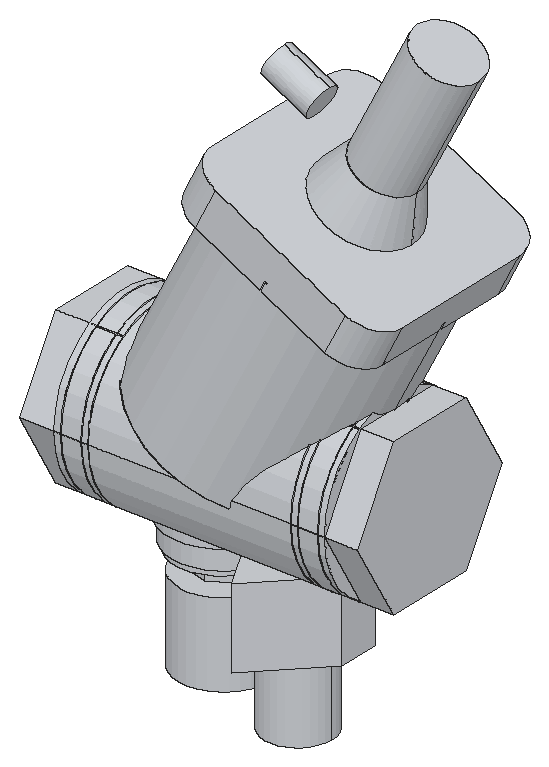
Revit family "PV_Compact_DN025L_ 20-80_FF_měř-vyp_RFA_2019", category Pipe Accessories, Revit 2019
Family settings
  Round Connector Dimension = Use Diameter
  Part Type = Valve - Breaks Into
  Work Plane-Based = No
  Always vertical = Yes
  Cut with Voids When Loaded = No
  Shared = No
Parameters (values of type "PV Compact DN25L FF s měřením a vypouštěním (20-80kPa)")
  magiProductId = "7052257d0cc94620b8f60c4ac85ccd"
  magiProductFamilyId = "88c57951ecb64b5d83dd1d4eb8fc72"
  magiPartTypeId = 304
  isMeasuringValve [instance] = no
  ang2D [instance] = 0.00°
  Z7 = 15 mm
  Z6 = 40.2 mm
  Z5 = 93.8 mm
  Z4 = 80.4 mm
  Z3 = 13.4 mm
  Z2 = 67 mm
  XR3 = 42.5 mm
  XR2 = 37.5 mm
  XR1 = 25.5 mm
  W2D = 15 mm
  VersionID = "2.0/2018.12.13.2/FRESE_PV_COMPACT_PLUG_Q13_001"
  Use Minimum Symbol Size [instance] = no
  URL = "www.hydronic.cz"
  Type Comments = "závitový s vnitřním závitem; s měřicí vsuvkou a vypouštěním; PN25; dpmax=450kPa; -10~+120°C"
  R5 = 5 mm
  R4 = 15 mm
  R3 = 10 mm
  R2 = 26.5 mm
  R1 = 31.5 mm
  QmdConnectorList = "301;D;302;D"
  Productdata [instance] = ""
  PH__ve = -PH  # -23.6 mm
  PH = 23.6 mm
  NL__ve = -NL  # -20 mm
  NL = 20 mm
  Manufacturer = "Hydronic Systems Prague s.r.o."
  MC Use Limits From Balancing Method = no
  MC Throttling Minimum Value = 0
  MC Throttling Maximum Value = 0
  MC Product Code = "53-3247 DN25; FF; nastavitelný rozsah dp=20~80kPa; Q=750~4200l/h;  kvs=8,7"
  MC Pressure Drop Minimum Value = 0.0 Pa
  MC Pressure Drop Maximum Value = 0.0 Pa
  MC Piping Given Pressure Drop [instance] = 0.0 Pa
  M5 = 40 mm
  M4 = 38 mm
  M3 = 32 mm
  M2 = 30 mm
  LP = 50 mm
  LM = 60 mm
  LL__ve = -LL  # -6.3 mm
  LLT__ve = -LLT  # -19.1 mm
  LLT = 19.1 mm
  LL2 = 38 mm
  LL = 6.3 mm
  L3 = 11 mm
  L2D_Min = 30.48 mm
  L2D = 65 mm
  Description = "Nastavitelný regulátor tlakové diference"
  DR1 = yes
  DR0 = no
  DL2 = 72 mm
  D = 25 mm
  CenSd_R2_6 = R2 * cos(30.00°)  # 22.95 mm
  CAT0 = yes
  C0D1 = yes
  C0D0 = no
Types (10, lengths in mm): name | magiProductId | Z6 | Z5 | Z4 | Z3 | Z2 | XR3 | XR2 | XR1 | R2 | R1 | PH__ve | PH | NL__ve | NL | MC Product Code | M5 | M4 | M3 | M2 | LP | LM | LL__ve | LLT__ve | LLT | LL2 | LL | L3 | DL2 | D | CenSd_R2_6
  PV Compact DN15 FF s měřením a vypouštěním (20-60kPa) | "ebd4dd38c61a47e78db1b31e427098" | 24.6 | 57.4 | 49.2 | 8.2 | 41 | 30 | 25 | 13 | 14 | 19 | -22.4 | 22.4 | -15 | 15 | "53-3243 DN15; FF; nastavitelný rozsah dp=20~60kPa; Q=100~1000l/h;  kvs=2,9" | 32.5 | 30.5 | 24.5 | 22.5 | 37.5 | 45 | -5.7 | -14.9 | 14.9 | 32 | 5.7 | 11 | 66 | 15 | 12.124
  PV Compact DN15 FF s měřením a vypouštěním ( 5-30kPa) | "1e13aaf8f1b54965adca1ab26bd771" | 24.6 | 57.4 | 49.2 | 8.2 | 41 | 30 | 25 | 13 | 14 | 19 | -22.4 | 22.4 | -15 | 15 | "53-3242 DN15; FF; nastavitelný rozsah dp=5~30kPa; Q=50~600l/h;  kvs=2,9" | 32.5 | 30.5 | 24.5 | 22.5 | 37.5 | 45 | -5.7 | -14.9 | 14.9 | 32 | 5.7 | 11 | 66 | 15 | 12.124
  PV Compact DN20 FF s měřením a vypouštěním (20-60kPa) | "6d4e29c475624129ae1d8630218e83" | 24.6 | 57.4 | 49.2 | 8.2 | 41 | 30 | 25 | 13 | 14 | 19 | -22.4 | 22.4 | -15.8 | 15.8 | "53-3245 DN20; FF; nastavitelný rozsah dp=20~60kPa; Q=150~2000l/h;  kvs=3,5" | 33.7 | 31.7 | 25.7 | 23.7 | 39.5 | 47.4 | -5.7 | -14.9 | 14.9 | 32 | 5.7 | 11 | 66 | 20 | 12.124
  PV Compact DN20 FF s měřením a vypouštěním ( 5-30kPa) | "3c7d936801344d2a9486b3d5f20c15" | 24.6 | 57.4 | 49.2 | 8.2 | 41 | 30 | 25 | 13 | 14 | 19 | -22.4 | 22.4 | -15.8 | 15.8 | "53-3244 DN20; FF; nastavitelný rozsah dp=5~30kPa; Q=100~1000l/h;  kvs=3,5" | 33.7 | 31.7 | 25.7 | 23.7 | 39.5 | 47.4 | -5.7 | -14.9 | 14.9 | 32 | 5.7 | 11 | 66 | 20 | 12.124
  PV Compact DN25 FF s měřením a vypouštěním ( 5-30kPa) | "40b783a088714ff8af367f7ba18a04" | 25.5 | 59.5 | 51 | 8.5 | 42.5 | 30 | 25 | 13 | 14 | 19 | -22.8 | 22.8 | -16.6 | 16.6 | "53-3251 DN25; FF; nastavitelný rozsah dp=5~30kPa; Q=600~2100l/h;  kvs=4,0" | 34.9 | 32.9 | 26.9 | 24.9 | 41.5 | 49.8 | -5.9 | -16.3 | 16.3 | 34 | 5.9 | 11 | 68 | 25 | 12.124
  PV Compact DN25L FF s měřením a vypouštěním (20-80kPa) | "7052257d0cc94620b8f60c4ac85ccd" | 40.2 | 93.8 | 80.4 | 13.4 | 67 | 42.5 | 37.5 | 25.5 | 26.5 | 31.5 | -23.6 | 23.6 | -20 | 20 | "53-3247 DN25; FF; nastavitelný rozsah dp=20~80kPa; Q=750~4200l/h;  kvs=8,7" | 40 | 38 | 32 | 30 | 50 | 60 | -6.3 | -19.1 | 19.1 | 38 | 6.3 | 11 | 72 | 25 | 22.95
  PV Compact DN25L FF s měřením a vypouštěním ( 5-30kPa) | "006ff7ff77e34fd39e52f3f4c37192" | 40.2 | 93.8 | 80.4 | 13.4 | 67 | 42.5 | 37.5 | 25.5 | 26.5 | 31.5 | -23.6 | 23.6 | -20 | 20 | "53-3246 DN25L; FF; nastavitelný rozsah dp=5~30kPa; Q=600~2500l/h;  kvs=8,7" | 40 | 38 | 32 | 30 | 50 | 60 | -6.3 | -19.1 | 19.1 | 38 | 6.3 | 11 | 72 | 25 | 22.95
  PV Compact DN32 FF s měřením a vypouštěním (20-80kPa) | "e53839f5e58040c69ad69dcf8b7122" | 40.2 | 93.8 | 80.4 | 13.4 | 67 | 42.5 | 37.5 | 25.5 | 26.5 | 31.5 | -24.6 | 24.6 | -20.8 | 20.8 | "53-3248 DN32; FF; nastavitelný rozsah dp=20~80kPa; Q=1000~5000l/h;  kvs=10,1" | 41.2 | 39.2 | 33.2 | 31.2 | 52 | 62.4 | -6.8 | -22.6 | 22.6 | 43 | 6.8 | 25 | 77 | 32 | 22.95
  PV Compact DN40 FF s měřením a vypouštěním (20-80kPa) | "edae53f0ee9843aa9c005a0dbc2db4" | 46.8 | 109.2 | 93.6 | 15.6 | 78 | 42.5 | 37.5 | 25.5 | 26.5 | 31.5 | -25.2 | 25.2 | -27.6 | 27.6 | "53-3249 DN40; FF; nastavitelný rozsah dp=20~80kPa; Q=3000~8000l/h;  kvs=15,8" | 51.4 | 49.4 | 43.4 | 41.4 | 69 | 82.8 | -7.1 | -24.7 | 24.7 | 46 | 7.1 | 25 | 80 | 40 | 22.95
  PV Compact DN50 FF s měřením a vypouštěním (20-80kPa) | "7572286e99104aaeaae4a504f9a6dd" | 46.8 | 109.2 | 93.6 | 15.6 | 78 | 42.5 | 37.5 | 25.5 | 35.25 | 31.5 | -26.4 | 26.4 | -27.6 | 27.6 | "53-3250 DN50; FF; nastavitelný rozsah dp=20~80kPa; Q=5000~11500l/h;  kvs=16,2" | 51.4 | 49.4 | 43.4 | 41.4 | 69 | 82.8 | -7.7 | -28.9 | 28.9 | 52 | 7.7 | 25 | 86 | 50 | 30.527
Reference planes
  plane 1 "Center (Front/Back)": y = 0
  plane 2 "XYPLANE": z = 0
  plane 3 "Center (Left/Right)": x = 0
  plane 4 "408": x = 50
  plane 5 "407": x = -50
  plane 6 "402": z = -72
  plane 7 "213": x = 11
  plane 8 "168": z = -15.1
  plane 9 "167": z = -17.1
  plane 10 "166": z = -23.4
  plane 11 "165": z = -29.7
  plane 12 "164": z = -31.7
  plane 13 "154": z = 0
  plane 14 "152": y = 0
  plane 15 "151": z = -38
  plane 16 "150": x = -11
  plane 17 "75": through (307.08, 0, 685.28) normal (0.891, 0, -0.454)
  plane 18 "74": x = 40
  plane 19 "73": x = 38
  plane 20 "72": x = 32
  plane 21 "71": x = 30
  plane 22 "70": x = -40
  plane 23 "69": x = -38
  plane 24 "68": x = -32
  plane 25 "67": y = 0
  plane 26 "66": through (-666.893, 0, 343.166) normal (0.454, 0, 0.891)
  plane 27 "65": x = -30
  plane 28 "64": through (335.147, 0, 670.979) normal (0.891, 0, -0.454)
  plane 29 "63": through (-637.838, 0, 400.19) normal (0.454, 0, 0.891)
  plane 30 "62": through (363.214, 0, 656.678) normal (0.891, 0, -0.454)
  plane 31 "61": y = 31.5
  plane 32 "60": y = -31.5
  plane 33 "59": through (-631.754, 0, 412.13) normal (0.454, 0, 0.891)
  plane 34 "58": through (-625.671, 0, 424.069) normal (0.454, 0, 0.891)
  plane 35 "57": through (302.625, 0, 687.549) normal (0.891, 0, -0.454)
  plane 36 "56": x = 0
  plane 37 "55": through (-668.255, 0, 340.493) normal (0.454, 0, 0.891)
  plane 38 "102XY": through (-668.255, 0, 340.493) normal (0.454, 0, 0.891)
  plane 39 "102XZ": y = 0
  plane 40 "102YZ": through (340.493, 0, 668.255) normal (0.891, 0, -0.454)
Forms (mm)
  Extrusion 1, solid
    sketch origin (50, -750, 0) x (0, 1, 0) y (0, 0, 1)
      loop
        line (776.5, 0) -> (763.25, 22.95) -> (736.75, 22.95) -> (723.5, 0) -> (736.75, -22.95) -> (763.25, -22.95) -> (776.5, 0)
    from 0 to -20 <- "NL__ve"
  Extrusion 2, solid
    sketch origin (-50, -750, 0) x (0, 1, 0) y (0, 0, 1)
      loop
        line (723.5, 0) -> (736.75, -22.95) -> (763.25, -22.95) -> (776.5, 0) -> (763.25, 22.95) -> (736.75, 22.95) -> (723.5, 0)
    from 0 to 20 <- "NL"
  Extrusion 3, solid, visible <- "C0D1"
    sketch origin (-750, 0, -72) x (1, 0, 0) y (0, 1, 0)
      loop
        circle (761, 0) r 10
    from 0 to 50
  Extrusion 4, solid, visible <- "DR1"
    sketch origin (-750, 0, -23.4) x (1, 0, 0) y (0, 1, 0)
      loop
        line (761, -24.5) -> (778.892, -6) -> (778.892, 6) -> (761, 24.5) -> (750.608, 6) -> (750.608, -6) -> (761, -24.5)
    from 0 to -23.6 <- "PH__ve"
  Extrusion 5, solid, visible <- "DR1"
    sketch origin (-750, 0, -23.4) x (1, 0, 0) y (0, 1, 0)
      loop
        circle (761, 0) r 10
    from 0 to 6.3 <- "LL"
  Blend 6, solid, visible <- "DR1"
    base sketch origin (-750, 0, -15.1) x (1, 0, 0) y (0, 1, 0)
      loop
        circle (761, 0) r 7.5
    top sketch origin (-750, 0, -15.1) x (1, 0, 0) y (0, 1, 0)
      loop
        circle (761, 0) r 10
    from 0 to -2
  Extrusion 7, solid, visible <- "DR1"
    sketch origin (-750, 0, 0) x (1, 0, 0) y (0, 1, 0)
      loop
        circle (761, 0) r 7.5
    from 0 to -19.1 <- "LLT__ve"
  Extrusion 8, solid, visible <- "C0D0"
    sketch origin (-750, 0, -38) x (1, 0, 0) y (0, 1, 0)
      loop
        circle (761, 0) r 6
    from 0 to -25
  Extrusion 9, solid, visible <- "DR0"
    sketch origin (-750, 0, -31.7) x (1, 0, 0) y (0, 1, 0)
      loop
        line (761, -7) -> (774.562, -3.5) -> (774.562, 3.5) -> (761, 7) -> (754.938, 3.5) -> (754.938, -3.5) -> (761, -7)
    from 0 to -6.3 <- "LL__ve"
  Extrusion 10, solid, visible <- "DR0"
    sketch origin (-750, 0, -31.7) x (1, 0, 0) y (0, 1, 0)
      loop
        circle (761, 0) r 7
    from 0 to 2
  Extrusion 11, solid, visible <- "DR0"
    sketch origin (-750, 0, -23.4) x (1, 0, 0) y (0, 1, 0)
      loop
        circle (761, 0) r 9
    from 0 to 6.3 <- "LL"
  Blend 12, solid, visible <- "DR0"
    base sketch origin (-750, 0, -15.1) x (1, 0, 0) y (0, 1, 0)
      loop
        circle (761, 0) r 6.5
    top sketch origin (-750, 0, -15.1) x (1, 0, 0) y (0, 1, 0)
      loop
        circle (761, 0) r 9
    from 0 to -2
  Extrusion 13, solid, visible <- "DR0"
    sketch origin (-750, 0, 0) x (1, 0, 0) y (0, 1, 0)
      loop
        circle (761, 0) r 6.5
    from 0 to -19.1 <- "LLT__ve"
  Extrusion 14, solid, visible <- "DR0"
    sketch origin (-750, 0, 0) x (1, 0, 0) y (0, 1, 0)
      loop
        circle (761, 0) r 6.5
    from 0 to -19.1 <- "LLT__ve"
  Blend 15, solid, visible <- "DR0"
    base sketch origin (-750, 0, -15.1) x (1, 0, 0) y (0, 1, 0)
      loop
        circle (761, 0) r 6.5
    top sketch origin (-750, 0, -15.1) x (1, 0, 0) y (0, 1, 0)
      loop
        circle (761, 0) r 9
    from 0 to -2
  Extrusion 16, solid, visible <- "DR0"
    sketch origin (-750, 0, -23.4) x (1, 0, 0) y (0, 1, 0)
      loop
        circle (761, 0) r 9
    from 0 to 6.3 <- "LL"
  Extrusion 17, solid, visible <- "DR0"
    sketch origin (-750, 0, -29.7) x (1, 0, 0) y (0, 1, 0)
      loop
        circle (761, 0) r 8
    from 0 to 6.3 <- "LL"
  Extrusion 18, solid, visible <- "DR0"
    sketch origin (-750, 0, -31.7) x (1, 0, 0) y (0, 1, 0)
      loop
        circle (761, 0) r 7
    from 0 to 2
  Extrusion 19, solid, visible <- "DR0"
    sketch origin (-750, 0, -31.7) x (1, 0, 0) y (0, 1, 0)
      loop
        line (761, -7) -> (774.562, -3.5) -> (774.562, 3.5) -> (761, 7) -> (754.938, 3.5) -> (754.938, -3.5) -> (761, -7)
    from 0 to -6.3 <- "LL__ve"
  Extrusion 20, solid, visible <- "C0D0"
    sketch origin (-750, 0, -38) x (1, 0, 0) y (0, 1, 0)
      loop
        circle (761, 0) r 6
    from 0 to -25
  Extrusion 21, solid, visible <- "CAT0"
    sketch origin (-750, 0, -38) x (1, 0, 0) y (0, 1, 0)
      loop
        circle (739, 0) r 13.5
    from 0 to -25
  Extrusion 22, solid
    sketch origin (-750, 0, -31.7) x (1, 0, 0) y (0, 1, 0)
      loop
        line (739, -7) -> (745.062, -3.5) -> (745.062, 3.5) -> (739, 7) -> (725.438, 3.5) -> (725.438, -3.5) -> (739, -7)
    from 0 to -6.3 <- "LL__ve"
  Extrusion 23, solid
    sketch origin (-750, 0, -31.7) x (1, 0, 0) y (0, 1, 0)
      loop
        circle (739, 0) r 14.5
    from 0 to 2
  Extrusion 24, solid
    sketch origin (-750, 0, -29.7) x (1, 0, 0) y (0, 1, 0)
      loop
        circle (739, 0) r 15.5
    from 0 to 6.3 <- "LL"
  Extrusion 25, solid
    sketch origin (-750, 0, -23.4) x (1, 0, 0) y (0, 1, 0)
      loop
        circle (739, 0) r 16.5
    from 0 to 6.3 <- "LL"
  Blend 26, solid
    base sketch origin (-750, 0, -15.1) x (1, 0, 0) y (0, 1, 0)
      loop
        circle (739, 0) r 14
    top sketch origin (-750, 0, -15.1) x (1, 0, 0) y (0, 1, 0)
      loop
        circle (739, 0) r 16.5
    from 0 to -2
  Extrusion 27, solid
    sketch origin (-750, 0, 0) x (1, 0, 0) y (0, 1, 0)
      loop
        circle (739, 0) r 14
    from 0 to -19.1 <- "LLT__ve"
  Blend 28, solid, visible <- "CAT0"
    base sketch origin (38, -750, 0) x (0, 1, 0) y (0, 0, 1)
      loop
        circle (750, 0) r 26.5
    top sketch origin (38, -750, 0) x (0, 1, 0) y (0, 0, 1)
      loop
        circle (750, 0) r 26.5
    from 0 to 2
  Extrusion 29, solid, visible <- "CAT0"
    sketch origin (32, -750, 0) x (0, 1, 0) y (0, 0, 1)
      loop
        circle (750, 0) r 26.5
    from 0 to 6
  Blend 30, solid, visible <- "CAT0"
    base sketch origin (30, -750, 0) x (0, 1, 0) y (0, 0, 1)
      loop
        circle (750, 0) r 26.5
    top sketch origin (30, -750, 0) x (0, 1, 0) y (0, 0, 1)
      loop
        circle (750, 0) r 26.5
    from 0 to 2
  Blend 31, solid, visible <- "CAT0"
    base sketch origin (-38, -750, 0) x (0, 1, 0) y (0, 0, 1)
      loop
        circle (750, 0) r 26.5
    top sketch origin (-38, -750, 0) x (0, 1, 0) y (0, 0, 1)
      loop
        circle (750, 0) r 26.5
    from 0 to -2
  Extrusion 32, solid, visible <- "CAT0"
    sketch origin (-38, -750, 0) x (0, 1, 0) y (0, 0, 1)
      loop
        circle (750, 0) r 26.5
    from 0 to 6
  Blend 33, solid, visible <- "CAT0"
    base sketch origin (-32, -750, 0) x (0, 1, 0) y (0, 0, 1)
      loop
        circle (750, 0) r 26.5
    top sketch origin (-32, -750, 0) x (0, 1, 0) y (0, 0, 1)
      loop
        circle (750, 0) r 26.5
    from 0 to 2
  Extrusion 34, solid, visible <- "CAT0"
    sketch origin (-30, -750, 0) x (0, 1, 0) y (0, 0, 1)
      loop
        circle (750, 0) r 26.5
    from 0 to 60 <- "LM"
  Extrusion 35, solid, visible <- "CAT0"
    sketch origin (-666.893, 0, 343.166) x (0.891007, 0, -0.45399) y (0, 1, 0)
      loop
        circle (744, 0) r 31.5
    from 0 to 67 <- "Z2"
  Extrusion 36, solid, visible <- "CAT0"
    sketch origin (-637.838, 0, 400.19) x (0.891007, 0, -0.45399) y (0, 1, 0)
      loop
        arc (722.5, 31.5) -> (715.429, 28.571) -> (712.5, 21.5) r 10
        line (712.5, 21.5) -> (712.5, -21.5)
        arc (712.5, -21.5) -> (715.429, -28.571) -> (722.5, -31.5) r 10
        line (722.5, -31.5) -> (765.5, -31.5)
        arc (765.5, -31.5) -> (772.571, -28.571) -> (775.5, -21.5) r 10
        line (775.5, -21.5) -> (775.5, 21.5)
        arc (775.5, 21.5) -> (772.571, 28.571) -> (765.5, 31.5) r 10
        line (765.5, 31.5) -> (722.5, 31.5)
    from 0 to 13.4 <- "Z3"
  Blend 37, solid, visible <- "CAT0"
    base sketch origin (-631.754, 0, 412.13) x (0.891007, 0, -0.45399) y (0, 1, 0)
      loop
        circle (744, 0) r 15
    top sketch origin (-631.754, 0, 412.13) x (0.891007, 0, -0.45399) y (0, 1, 0)
      loop
        circle (744, 0) r 10
    from 0 to 13.4
  Extrusion 38, solid, visible <- "CAT0"
    sketch origin (-625.671, 0, 424.069) x (0.891007, 0, -0.45399) y (0, 1, 0)
      loop
        circle (744, 0) r 10
    from 0 to 40.2 <- "Z6"
  Extrusion 39, solid, visible <- "CAT0"
    sketch origin (302.625, 0, 687.549) x (-0.45399, 0, -0.891007) y (0, 1, 0)
      loop
        circle (656.2, 0) r 5
    from 0 to 15 <- "Z7"
  Blend 40, solid, visible <- "CAT0"
    base sketch origin (-668.255, 0, 340.493) x (0.891007, 0, -0.45399) y (0, 1, 0)
      loop
        circle (744, 0) r 27.5
    top sketch origin (-668.255, 0, 340.493) x (0.891007, 0, -0.45399) y (0, 1, 0)
      loop
        circle (744, 0) r 31.5
    from 0 to 3
  Extrusion 41, solid, not visible
    sketch origin (-40, -750, 0) x (0, 1, 0) y (0, 0, 1)
      loop
        circle (750, 0) r 22.5
    from 0 to 10
  Extrusion 42, solid, not visible
    sketch origin (40, -750, 0) x (0, 1, 0) y (0, 0, 1)
      loop
        circle (750, 0) r 22.5
    from 0 to -10
Lines and regions (mm)
  reference lines, not visible
    curve 1: circle (2, 2, 0) r 1 normal (0, 0, 1)
  reference lines
    curve 2: line (50, 0, 0) -> (50, -3.5, 6.062)
    curve 3: line (50, 0, 0) -> (50, -7, 0)
    curve 4: line (50, 0, 0) -> (50, -3.5, -6.062)
    curve 5: line (-50, 0, 0) -> (-50, 3.5, 6.062)
    curve 6: line (-50, 0, 0) -> (-50, 7, 0)
    curve 7: line (-50, 0, 0) -> (-50, 3.5, -6.062)
Dimensions and locks
  plane 1 "Center (Front/Back)" to curve 1 = 2 mm
  "LP": plane 36 "56" to plane 4 "408"
  "LP": plane 36 "56" to plane 5 "407"
  "DL2": plane 2 "XYPLANE" to plane 6 "402"
  "L3": plane 3 "Center (Left/Right)" to plane 7 "213"
  locked: plane 9 "167" to plane 8 "168" at 2
  "LL": plane 10 "166" to plane 9 "167"
  "LL": plane 11 "165" to plane 10 "166"
  locked: plane 12 "164" to plane 11 "165" at 2
  "LL": plane 15 "151" to plane 12 "164"
  locked: plane 2 "XYPLANE" to plane 13 "154"
  locked: plane 1 "Center (Front/Back)" to plane 14 "152"
  "LL2": plane 2 "XYPLANE" to plane 15 "151"
  "L3": plane 3 "Center (Left/Right)" to plane 16 "150"
  "XR2": plane 40 "102YZ" to plane 17 "75"
  "M5": plane 3 "Center (Left/Right)" to plane 18 "74"
  "M4": plane 3 "Center (Left/Right)" to plane 19 "73"
  "M3": plane 3 "Center (Left/Right)" to plane 20 "72"
  "M2": plane 3 "Center (Left/Right)" to plane 21 "71"
  "M5": plane 3 "Center (Left/Right)" to plane 22 "70"
  "M4": plane 3 "Center (Left/Right)" to plane 23 "69"
  "M3": plane 3 "Center (Left/Right)" to plane 24 "68"
  locked: plane 14 "152" to plane 25 "67"
  locked: plane 38 "102XY" to plane 26 "66" at 3
  "M2": plane 3 "Center (Left/Right)" to plane 27 "65"
  locked: plane 40 "102YZ" to plane 28 "64" at 6
  "Z2": plane 38 "102XY" to plane 29 "63"
  "XR1": plane 40 "102YZ" to plane 30 "62"
  "R1": plane 14 "152" to plane 31 "61"
  "R1": plane 14 "152" to plane 32 "60"
  "Z4": plane 38 "102XY" to plane 33 "59"
  "Z5": plane 38 "102XY" to plane 34 "58"
  "XR3": plane 40 "102YZ" to plane 35 "57"
  locked: plane 3 "Center (Left/Right)" to plane 36 "56"
  locked: plane 38 "102XY" to plane 37 "55"
  "CenSd_R2_6": curve 2 to Extrusion 1 sketch curve  (x2)
  "CenSd_R2_6": curve 3 to Extrusion 1 sketch curve  (x2)
  "CenSd_R2_6": curve 4 to Extrusion 1 sketch curve  (x2)
  Extrusion 1 sketch curve to Extrusion 1 sketch curve = 0 mm  (x12)
  "CenSd_R2_6": curve 5 to Extrusion 2 sketch curve  (x2)
  "CenSd_R2_6": curve 6 to Extrusion 2 sketch curve  (x2)
  "CenSd_R2_6": curve 7 to Extrusion 2 sketch curve  (x2)
  Extrusion 2 sketch curve to Extrusion 2 sketch curve = 0 mm  (x12)
  Extrusion 4 sketch curve to Extrusion 4 sketch curve = 0 mm  (x12)
  Extrusion 9 sketch curve to Extrusion 9 sketch curve = 0 mm  (x12)
  Extrusion 19 sketch curve to Extrusion 19 sketch curve = 0 mm  (x12)
  Extrusion 22 sketch curve to Extrusion 22 sketch curve = 0 mm  (x12)
  Extrusion 36 sketch curve to Extrusion 36 sketch curve = 0 mm  (x16)
  "R2": radius of Blend 28 sketch curve  (x2)
  "R2": radius of Extrusion 29 sketch curve
  "R2": radius of Blend 30 sketch curve  (x2)
  "R2": radius of Blend 31 sketch curve  (x2)
  "R2": radius of Extrusion 32 sketch curve
  "R2": radius of Blend 33 sketch curve  (x2)
  "R2": radius of Extrusion 34 sketch curve
  "R1": radius of Extrusion 35 sketch curve
  radius of Extrusion 36 sketch curve = 10 mm  (x4)
  "R3": radius of Blend 37 sketch curve
  "R4": radius of Blend 37 sketch curve
  "R3": radius of Extrusion 38 sketch curve
  "R5": radius of Extrusion 39 sketch curve
  "R1": radius of Blend 40 sketch curve
  locked: curve 3 to curve 2 (angle 60.00°)
  locked: curve 4 to curve 3 (angle 60.00°)
  locked: curve 4 to curve 2 (angle 120.00°)
  locked: curve 6 to curve 5 (angle 60.00°)
  locked: curve 7 to curve 6 (angle 60.00°)
  locked: curve 7 to curve 5 (angle 120.00°)
  aligned and locked: level to plane 2 "XYPLANE"
  aligned and locked: plane 13 "154" to curve 4
  aligned and locked: curve 4 to plane 14 "152"
  aligned and locked: plane 13 "154" to curve 7
  aligned and locked: curve 7 to plane 14 "152"
  aligned and locked: plane 7 "213" to Extrusion 3 sketch curve
  aligned and locked: plane 14 "152" to Extrusion 3 sketch curve
  aligned and locked: plane 7 "213" to Extrusion 5 sketch curve
  aligned and locked: plane 14 "152" to Extrusion 5 sketch curve
  aligned and locked: plane 7 "213" to Blend 6 sketch curve  (x2)
  aligned and locked: plane 14 "152" to Blend 6 sketch curve  (x2)
  aligned and locked: Blend 6 to plane 9 "167"
  aligned and locked: plane 7 "213" to Extrusion 7 sketch curve
  aligned and locked: plane 14 "152" to Extrusion 7 sketch curve
  aligned and locked: plane 7 "213" to Extrusion 8 sketch curve
  aligned and locked: plane 14 "152" to Extrusion 8 sketch curve
  aligned and locked: plane 7 "213" to Extrusion 10 sketch curve
  aligned and locked: plane 14 "152" to Extrusion 10 sketch curve
  aligned and locked: plane 7 "213" to Extrusion 11 sketch curve
  aligned and locked: plane 14 "152" to Extrusion 11 sketch curve
  aligned and locked: plane 7 "213" to Blend 12 sketch curve  (x2)
  aligned and locked: plane 14 "152" to Blend 12 sketch curve  (x2)
  aligned and locked: Blend 12 to plane 9 "167"
  aligned and locked: plane 7 "213" to Extrusion 13 sketch curve
  aligned and locked: plane 14 "152" to Extrusion 13 sketch curve
  aligned and locked: plane 7 "213" to Extrusion 14 sketch curve
  aligned and locked: plane 14 "152" to Extrusion 14 sketch curve
  aligned and locked: plane 7 "213" to Blend 15 sketch curve  (x2)
  aligned and locked: plane 14 "152" to Blend 15 sketch curve  (x2)
  aligned and locked: Blend 15 to plane 9 "167"
  aligned and locked: plane 7 "213" to Extrusion 16 sketch curve
  aligned and locked: plane 14 "152" to Extrusion 16 sketch curve
  aligned and locked: plane 7 "213" to Extrusion 17 sketch curve
  aligned and locked: plane 14 "152" to Extrusion 17 sketch curve
  aligned and locked: plane 7 "213" to Extrusion 18 sketch curve
  aligned and locked: plane 14 "152" to Extrusion 18 sketch curve
  aligned and locked: plane 7 "213" to Extrusion 20 sketch curve
  aligned and locked: plane 14 "152" to Extrusion 20 sketch curve
  aligned and locked: plane 14 "152" to Extrusion 21 sketch curve
  aligned and locked: plane 16 "150" to Extrusion 21 sketch curve
  aligned and locked: plane 14 "152" to Extrusion 23 sketch curve
  aligned and locked: plane 16 "150" to Extrusion 23 sketch curve
  aligned and locked: plane 14 "152" to Extrusion 24 sketch curve
  aligned and locked: plane 16 "150" to Extrusion 24 sketch curve
  aligned and locked: plane 14 "152" to Extrusion 25 sketch curve
  aligned and locked: plane 16 "150" to Extrusion 25 sketch curve
  aligned and locked: plane 14 "152" to Blend 26 sketch curve  (x2)
  aligned and locked: plane 16 "150" to Blend 26 sketch curve  (x2)
  aligned and locked: Blend 26 to plane 9 "167"
  aligned and locked: plane 14 "152" to Extrusion 27 sketch curve
  aligned and locked: plane 16 "150" to Extrusion 27 sketch curve
  aligned and locked: plane 13 "154" to Blend 28 sketch curve  (x2)
  aligned and locked: Blend 28 sketch curve to plane 14 "152"  (x2)
  aligned and locked: plane 18 "74" to Blend 28
  aligned and locked: plane 13 "154" to Extrusion 29 sketch curve
  aligned and locked: Extrusion 29 sketch curve to plane 14 "152"
  aligned and locked: plane 13 "154" to Blend 30 sketch curve  (x2)
  aligned and locked: Blend 30 sketch curve to plane 14 "152"  (x2)
  aligned and locked: plane 20 "72" to Blend 30
  aligned and locked: plane 13 "154" to Blend 31 sketch curve  (x2)
  aligned and locked: Blend 31 sketch curve to plane 14 "152"  (x2)
  aligned and locked: Blend 31 to plane 22 "70"
  aligned and locked: plane 13 "154" to Extrusion 32 sketch curve
  aligned and locked: Extrusion 32 sketch curve to plane 14 "152"
  aligned and locked: plane 13 "154" to Blend 33 sketch curve  (x2)
  aligned and locked: Blend 33 sketch curve to plane 14 "152"  (x2)
  aligned and locked: plane 27 "65" to Blend 33
  aligned and locked: plane 13 "154" to Extrusion 34 sketch curve
  aligned and locked: Extrusion 34 sketch curve to plane 14 "152"
  aligned and locked: plane 25 "67" to Extrusion 35 sketch curve
  aligned and locked: Extrusion 35 sketch curve to plane 28 "64"
  aligned and locked: Extrusion 36 sketch curve to plane 17 "75"
  aligned and locked: Extrusion 36 sketch curve to plane 32 "60"
  aligned and locked: Extrusion 36 sketch curve to plane 30 "62"
  aligned and locked: plane 31 "61" to Extrusion 36 sketch curve
  aligned and locked: plane 25 "67" to Blend 37 sketch curve  (x2)
  aligned and locked: Blend 37 sketch curve to plane 28 "64"  (x2)
  aligned and locked: plane 34 "58" to Blend 37
  aligned and locked: plane 25 "67" to Extrusion 38 sketch curve
  aligned and locked: Extrusion 38 sketch curve to plane 28 "64"
  aligned and locked: plane 25 "67" to Extrusion 39 sketch curve
  aligned and locked: plane 34 "58" to Extrusion 39 sketch curve
  aligned and locked: plane 25 "67" to Blend 40 sketch curve  (x2)
  aligned and locked: Blend 40 sketch curve to plane 28 "64"  (x2)
  aligned and locked: plane 26 "66" to Blend 40
  aligned and locked: plane 13 "154" to Extrusion 41 sketch curve
  aligned and locked: Extrusion 41 sketch curve to plane 14 "152"
  aligned and locked: plane 13 "154" to Extrusion 42 sketch curve
  aligned and locked: Extrusion 42 sketch curve to plane 14 "152"
Automatic sketch dimensions
  plane 3 "Center (Left/Right)" to Extrusion 3 sketch curve = 1 mm
  Extrusion 4 sketch curve to plane 7 "213" = 0 mm  (x2)
  plane 3 "Center (Left/Right)" to Extrusion 4 sketch curve = 0.608 mm
  Extrusion 4 sketch curve to plane 21 "71" = 1.108 mm
  plane 32 "60" to Extrusion 4 sketch curve = 7 mm
  plane 1 "Center (Front/Back)" to Extrusion 4 sketch curve = 6 mm  (x2)
  Extrusion 4 sketch curve to plane 1 "Center (Front/Back)" = 6 mm  (x2)
  Extrusion 4 sketch curve to plane 31 "61" = 7 mm
  plane 3 "Center (Left/Right)" to Extrusion 5 sketch curve = 1 mm
  plane 3 "Center (Left/Right)" to Blend 6 sketch curve = 3.5 mm
  plane 3 "Center (Left/Right)" to Blend 6 sketch curve = 1 mm
  plane 3 "Center (Left/Right)" to Extrusion 7 sketch curve = 3.5 mm
  plane 3 "Center (Left/Right)" to Extrusion 8 sketch curve = 5 mm
  Extrusion 9 sketch curve to plane 7 "213" = 0 mm  (x2)
  plane 3 "Center (Left/Right)" to Extrusion 9 sketch curve = 4.938 mm
  Extrusion 9 sketch curve to plane 21 "71" = 5.438 mm
  plane 1 "Center (Front/Back)" to Extrusion 9 sketch curve = 7 mm
  plane 1 "Center (Front/Back)" to Extrusion 9 sketch curve = 3.5 mm  (x2)
  Extrusion 9 sketch curve to plane 1 "Center (Front/Back)" = 3.5 mm  (x2)
  Extrusion 9 sketch curve to Extrusion 9 sketch curve = 3.5 mm
  plane 3 "Center (Left/Right)" to Extrusion 10 sketch curve = 4 mm
  plane 3 "Center (Left/Right)" to Extrusion 11 sketch curve = 2 mm
  plane 3 "Center (Left/Right)" to Blend 12 sketch curve = 4.5 mm
  plane 3 "Center (Left/Right)" to Blend 12 sketch curve = 2 mm
  plane 3 "Center (Left/Right)" to Extrusion 13 sketch curve = 4.5 mm
  plane 3 "Center (Left/Right)" to Extrusion 14 sketch curve = 4.5 mm
  plane 3 "Center (Left/Right)" to Blend 15 sketch curve = 4.5 mm
  plane 3 "Center (Left/Right)" to Blend 15 sketch curve = 2 mm
  plane 3 "Center (Left/Right)" to Extrusion 16 sketch curve = 2 mm
  plane 3 "Center (Left/Right)" to Extrusion 17 sketch curve = 3 mm
  plane 3 "Center (Left/Right)" to Extrusion 18 sketch curve = 4 mm
  Extrusion 19 sketch curve to plane 7 "213" = 0 mm  (x2)
  plane 3 "Center (Left/Right)" to Extrusion 19 sketch curve = 4.938 mm
  Extrusion 19 sketch curve to plane 21 "71" = 5.438 mm
  plane 1 "Center (Front/Back)" to Extrusion 19 sketch curve = 7 mm
  plane 1 "Center (Front/Back)" to Extrusion 19 sketch curve = 3.5 mm  (x2)
  Extrusion 19 sketch curve to plane 1 "Center (Front/Back)" = 3.5 mm  (x2)
  Extrusion 19 sketch curve to Extrusion 19 sketch curve = 3.5 mm
  plane 3 "Center (Left/Right)" to Extrusion 20 sketch curve = 5 mm
  plane 27 "65" to Extrusion 21 sketch curve = 5.5 mm
  Extrusion 22 sketch curve to plane 16 "150" = 0 mm  (x2)
  plane 27 "65" to Extrusion 22 sketch curve = 5.438 mm
  Extrusion 22 sketch curve to plane 3 "Center (Left/Right)" = 4.938 mm
  plane 1 "Center (Front/Back)" to Extrusion 22 sketch curve = 7 mm
  plane 1 "Center (Front/Back)" to Extrusion 22 sketch curve = 3.5 mm  (x2)
  Extrusion 22 sketch curve to plane 1 "Center (Front/Back)" = 3.5 mm  (x2)
  Extrusion 22 sketch curve to Extrusion 22 sketch curve = 3.5 mm
  plane 27 "65" to Extrusion 23 sketch curve = 4.5 mm
  plane 27 "65" to Extrusion 24 sketch curve = 3.5 mm
  plane 27 "65" to Extrusion 25 sketch curve = 2.5 mm
  plane 27 "65" to Blend 26 sketch curve = 5 mm
  plane 27 "65" to Blend 26 sketch curve = 2.5 mm
  plane 27 "65" to Extrusion 27 sketch curve = 5 mm
  plane 17 "75" to Blend 40 sketch curve = 4 mm
  plane 32 "60" to Extrusion 41 sketch curve = 9 mm
  plane 32 "60" to Extrusion 42 sketch curve = 9 mm
  plane 3 "Center (Left/Right)" to curve 1 = 2 mm
  radius of curve 1 = 1 mm
Connectors
  piping at (-40, 0, 0), diameter 25, driven by "D"
    settings: on Extrusion 41, index 1, connector inside diameter 609.6 mm, connector length 0 mm, flow factor 0, pipe flow 0.0 L/s, pressure drop 0.0 Pa, fitting loss kfactor 0, connector angle 0.00°, fixture units 0, engagement length 0 mm, angle of deflection 0.00°, flow configuration 0, flow direction 0, fitting loss method 0, system type 29, joint type 0, gender type 0, connector reference index 2, connector utility 0, adjustable connector no, is connector primary yes, connector description ""
  piping at (40, 0, 0), diameter 25, driven by "D"
    settings: on Extrusion 42, index 2, connector inside diameter 609.6 mm, connector length 0 mm, flow factor 0, pipe flow 0.0 L/s, pressure drop 0.0 Pa, fitting loss kfactor 0, connector angle 0.00°, fixture units 0, engagement length 0 mm, angle of deflection 0.00°, flow configuration 0, flow direction 0, fitting loss method 0, system type 29, joint type 0, gender type 0, connector reference index 1, connector utility 0, adjustable connector no, is connector primary no, connector description ""
